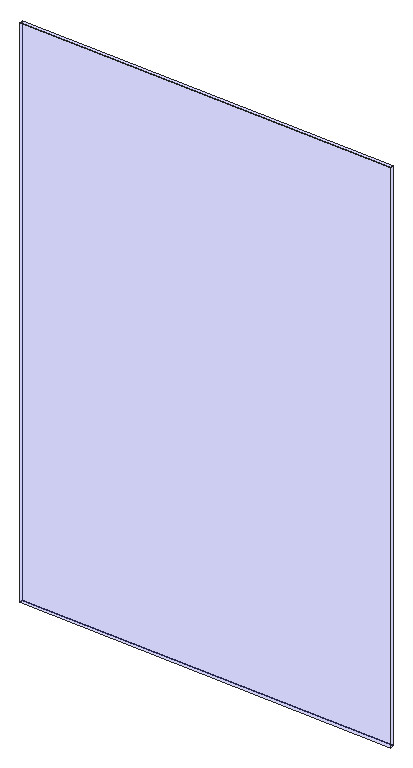
Revit family
Parameters (values of type "Vetro CW")
  spessore lastra = 28 mm
  larghezza lastra sx [instance] = 1257.5 mm
  larghezza lastra dx [instance] = 1257.5 mm
  altezza lastra [instance] = 3530 mm
  Volume lastra Vetro [instance] = (larghezza lastra dx + larghezza lastra sx) * altezza lastra * spessore lastra  # 0.248583 m³
  Manufacturer = "Saint-Gobain Glass"
  Peso lastra Vetro [instance] = Volume lastra Vetro * Peso Vetro  # 9.9433 kN
  Peso Vetro = 40000 N/m³
  Model = "SGG Stadip Silence"
  Materiale = Vetro Stratificato
  Esposizione [instance] = ""
  Cost = 220
  Assembly Code = ""
Reference planes
  plane 1 "Centro (Fronte/Retro)": y = 0
  plane 2: z = 0
  plane 3 "Centro (Sinistra/Destra)": x = 0
  plane 4 "Sinistra": x = -1257.5
  plane 5 "Destra": x = 1257.5
  plane 6 "SUP": z = 4000
  plane 7: y = 14
  plane 8: y = -14
  plane 9: z = 3530
Forms (mm)
  Extrusion 1, solid, material "Vetro Stratificato" <- "Materiale"
    sketch origin (0, 0, 0) x (1, 0, 0) y (0, 1, 0)
      loop
        line (-1257.5, 14) -> (-1257.5, -14) -> (1257.5, -14) -> (1257.5, 14) -> (-1257.5, 14)
    from 0 to 3530
Text (mm)
  text "Esterno" at (-2351.972, 1416.179, 0), in view "Livello rif."
  text "Esterno" at (0, 2290.741, 4406.713), in view "Sinistra"
  text "Esterno" at (0, 1328.187, 4120.349), in view "Destra"
Dimensions and locks
  "larghezza lastra dx": plane 4 "Sinistra" to plane 3 "Centro (Sinistra/Destra)"
  "larghezza lastra sx": plane 3 "Centro (Sinistra/Destra)" to plane 5 "Destra"
  "spessore lastra": plane 7 to plane 8
  "altezza lastra": plane 9 to level
  aligned and locked: plane 7 to Extrusion 1
  aligned and locked: plane 4 "Sinistra" to Extrusion 1
  aligned and locked: Extrusion 1 to plane 5 "Destra"
  aligned and locked: Extrusion 1 to plane 8
  aligned and locked: plane 9 to Extrusion 1
Automatic sketch dimensions
  Extrusion 1 sketch curve to plane 4 "Sinistra" = 0 mm
  Extrusion 1 sketch curve to plane 5 "Destra" = 0 mm
  Extrusion 1 sketch curve to plane 8 = 0 mm
  Extrusion 1 sketch curve to plane 7 = 0 mm
